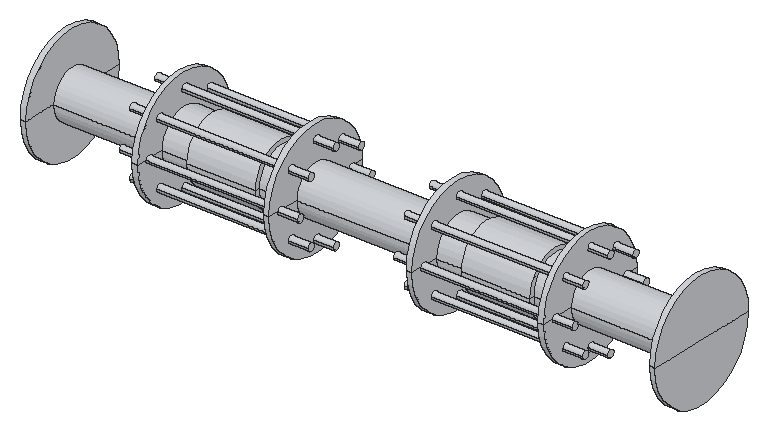
Revit family "0a0086b2399547668eb5a4024d005799", category Pipe Fittings, Revit 2021
Family settings
  Round Connector Dimension = Use Radius
  Part Type = Union
  OmniClass Number = 23.60.30.11.14.14
  OmniClass Title = Pipe Expansion Compensators
  Work Plane-Based = No
  Always vertical = Yes
  Cut with Voids When Loaded = No
  Shared = No
Parameters (values of type "Standard")
  Wall Thickness [instance] = 0.3000"
  Tick Size 2 [instance] = Flange Diameter * 0.4  # 3.3920"
  Tick Size 1 [instance] = Fitting Outside Diameter * 0.4  # 1.4000"
  Slip Pipe Withdrawal [instance] = (Project Max Operating Temperature - Project Installation Temperature) / (Project Max Operating Temperature - Project Min Operating Temperature) * Axial Movement  # 1.74366"
  Project Temperature Change [instance] = 150 °F
  Project Pipe Length [instance] = 600.0000"
  Packing Ring Thickness [instance] = size_lookup(Lookup Table Name Ring, "FThk", 0.02 * Nominal Diameter + 0.3500", Nominal Diameter)  # 0.4100"
  Packing Ring Radius [instance] = Packing Ring Diameter / 2  # 4.2400"
  Packing Ring Diameter [instance] = size_lookup(Lookup Table Name Ring, "FDia", 1.13 * Nominal Diameter + 5.0900", Nominal Diameter)  # 8.4800"
  Packing Chamber Length Label [instance] = if(Packing Chamber Length > Body Length Label - (2 * Body Ring Thickness) - 0.5000", Body Length Label - 2 * Body Ring Thickness - 0.5000", Packing Chamber Length)  # 5.0000"
  Packing Chamber Length = 5.0000"
  Nominal Radius [instance] = 1.5000"
  Nominal Diameter [instance] = Nominal Radius * 2  # 3.0000"
  Project Min Operating Temperature [instance] = -30 °F
  Project Max Operating Temperature [instance] = 120 °F
  Loss Method = Not Defined
  Lookup Table Name Ring = "Flange - Ring - Steel - Class 86"
  Lookup Table Name Flange = "Flange - Ring - Steel - Class 300"
  Lookup Table Name = "Expansion Joint Slip-Type Double End without Limit Rods - BV - Steel"
  Length 4 [instance] = Body Length Label / 2 - 1.5000"  # 3.5000"
  Length 3 [instance] = cos(45.00°) * Length 1  # 2.29103"
  Length 2 [instance] = 3.0000"
  Length 1 [instance] = Body Ring Radius - 1.0000"  # 3.2400"
  Length [instance] = if(Open, Open Length, Open Length - Slip Pipe Withdrawal)  # 46.25634"
  Project Installation Temperature [instance] = 10 °F
  Flange Thickness [instance] = size_lookup(Lookup Table Name Flange, "FThk", 0.02 * Nominal Diameter + 0.3500", Nominal Diameter)  # 0.4100"
  Flange Radius [instance] = Flange Diameter / 2  # 4.2400"
  Flange Diameter [instance] = size_lookup(Lookup Table Name Flange, "FDia", 1.13 * Nominal Diameter + 5.0900", Nominal Diameter)  # 8.4800"
  Fitting Outside Radius [instance] = Fitting Outside Diameter / 2  # 1.7500"
  Fitting Outside Diameter [instance] = size_lookup(Lookup Table Name, "FOD", Nominal Diameter, Nominal Diameter)  # 3.5000"
  Open [instance] = no
  Open Length [instance] = 48.0000"
  Default Elevation = 0.0000"
  Closed [instance] = not(Open)  # yes
  Body Length Label [instance] = if(Length < (3 * Length 5 + 2 * Flange Thickness + 6.5000"), (Length - 2 * Flange Thickness - 6.5000") / 3, Length 5)  # 10.0000"
  Body Ring Thickness [instance] = size_lookup(Lookup Table Name Ring, "FThk", 0.02 * Nominal Diameter + 0.3500", Nominal Diameter)  # 0.4100"
  Body Ring Radius [instance] = Body Ring Diameter / 2  # 4.2400"
  Body Ring Diameter [instance] = size_lookup(Lookup Table Name Ring, "FDia", 1.13 * Nominal Diameter + 5.0900", Nominal Diameter)  # 8.4800"
  Length 5 [instance] = 10.0000"
  Axial Movement [instance] = 0.0000117 1/K * Project Pipe Length * (Project Temperature Change - -459.67 °F)  # 2.37771"
Reference planes (in)
  plane 1 "Center (Front/Back)": y = 0
  plane 2: z = 0
  plane 3 "Center 1": x = 5.79484
  plane 4: x = -7.33333
  plane 5: x = 38.92301
  plane 6: x = -3.92333
  plane 7: x = 0.79484
  plane 8: x = 10.79484
  plane 9: y = 3.24
  plane 10: y = -3.24
  plane 11: y = 1.75
  plane 12: y = 2.05
  plane 13: y = 2.35
  plane 14: x = 10.38484
  plane 15: x = 1.20484
  plane 16: x = 3.29484
  plane 17: x = 8.29484
  plane 18 "body flange": y = 4.24
  plane 19: z = 3.24
  plane 20: z = -3.24
  plane 21: x = -0.70516
  plane 22: x = 12.29484
  plane 23: z = 2.29103
  plane 24: z = -2.29103
  plane 25: y = -2.29103
  plane 26: y = 2.29103
  plane 27: x = 35.51301
  plane 28: x = 8.88484
  plane 29 "packing ring": y = 4.24
  plane 30 "limit ring": y = 4.24
  plane 31: x = -6.92333
  plane 32 "flange": y = 4.24
  plane 33: x = 38.51301
  plane 34 "Center (Left/Right)": x = 15.79484
  plane 35: x = 19.29484
  plane 36: x = 20.79484
  plane 37: x = 21.20484
  plane 38: x = 22.70484
  plane 39: x = 23.29484
  plane 40: x = 25.79484
  plane 41: x = 28.29484
  plane 42: x = 30.38484
  plane 43: x = 30.79484
  plane 44: x = 32.29484
Forms (in)
  Revolve 1, solid, detail levels fine
    sketch origin (0, 0, 0) x (1, 0, 0) y (0, 1, 0)
      loop
        line (-7.33333, 0) -> (38.92301, 0) -> (38.92301, 4.24) -> (38.51301, 4.24) -> (38.51301, 1.75) -> (30.79484, 1.75) -> (30.79484, 4.24) -> (30.38484, 4.24) -> (30.38484, 2.05) -> (28.29484, 2.05) -> (28.29484, 2.35) -> (23.29484, 2.35) -> (23.29484, 2.05) -> (21.20484, 2.05) -> (21.20484, 4.24) -> (20.79484, 4.24) -> (20.79484, 1.75) -> (10.79484, 1.75) -> (10.79484, 4.24) -> (10.38484, 4.24) -> (10.38484, 2.05) -> (8.29484, 2.05) -> (8.29484, 2.35) -> (3.29484, 2.35) -> (3.29484, 2.05) -> (1.20484, 2.05) -> (1.20484, 4.24) -> (0.79484, 4.24) -> (0.79484, 1.75) -> (-6.92333, 1.75) -> (-6.92333, 4.24) -> (-7.33333, 4.24) -> (-7.33333, 0)
      axis (-7.33333, 0) -> (38.92301, 0)
    angle from 0 to 360
  Extrusion 2, solid, detail levels fine
    sketch origin (5.79484, 0, 0) x (0, 1, 0) y (0, 0, 1)
      loop
        circle (-2.29103, 2.29103) r 0.25
      loop
        circle (-2.29103, -2.29103) r 0.25
      loop
        circle (2.29103, 2.29103) r 0.25
      loop
        circle (2.29103, -2.29103) r 0.25
      loop
        circle (0, -3.24) r 0.25
      loop
        circle (3.24, 0) r 0.25
      loop
        circle (-3.24, 0) r 0.25
      loop
        circle (0, 3.24) r 0.25
    from -6.5 to 6.5
  Extrusion 3, solid, detail levels fine
    sketch origin (15.79484, 0, 0) x (0, 1, 0) y (0, 0, 1)
      loop
        circle (-2.29103, 2.29103) r 0.25
      loop
        circle (-2.29103, -2.29103) r 0.25
      loop
        circle (2.29103, 2.29103) r 0.25
      loop
        circle (2.29103, -2.29103) r 0.25
      loop
        circle (0, -3.24) r 0.25
      loop
        circle (3.24, 0) r 0.25
      loop
        circle (-3.24, 0) r 0.25
      loop
        circle (0, 3.24) r 0.25
    from 3.5 to 16.5
Cuts and joins
  joined: Revolve 1, Extrusion 2, Extrusion 3
Lines and regions (in)
  model lines, detail levels coarse+medium
    curve 1: line (-7.33333, 3.392, 0) -> (-7.33333, -3.392, 0)
    curve 2: line (38.92301, 3.392, 0) -> (38.92301, -3.392, 0)
    curve 4: line (35.51301, 0, 0) -> (38.92301, 0, 0)
    curve 5: line (-7.33333, 1.4, 0) -> (38.92301, 1.4, 0)
    curve 6: line (38.92301, -1.4, 0) -> (-7.33333, -1.4, 0)
  model lines, style "PipeFitting", detail levels coarse+medium
    curve 3: line (-7.33333, 0, 0) -> (-3.92333, 0, 0)
Dimensions and locks (in)
  "Length": plane 4 to plane 5
  "Length 2": plane 31 to plane 6
  equal spacing: plane 7, plane 3 "Center 1", plane 8
  "Body Length Label": plane 7 to plane 8
  "Length 1": plane 10 to plane 1 "Center (Front/Back)"
  "Length 1": plane 9 to plane 1 "Center (Front/Back)"
  "Fitting Outside Radius": plane 11 to plane 1 "Center (Front/Back)"
  "Wall Thickness": plane 12 to plane 11
  "Wall Thickness": plane 13 to plane 12
  "Body Ring Thickness": plane 7 to plane 15
  "Packing Ring Thickness": plane 14 to plane 8
  equal spacing: plane 16, plane 3 "Center 1", plane 17
  "Packing Chamber Length Label": plane 16 to plane 17
  "Length 1": plane 2 to plane 20
  "Length 1": plane 19 to plane 2
  "Body Ring Radius": plane 18 "body flange" to plane 1 "Center (Front/Back)"
  locked: plane 21 to plane 7 at 1.5
  locked: plane 8 to plane 22 at 1.5
  "Tick Size 2": plane 1 "Center (Front/Back)" to curve 1
  "Tick Size 2": curve 1 to plane 1 "Center (Front/Back)"
  "Tick Size 2": plane 1 "Center (Front/Back)" to curve 2
  "Tick Size 2": curve 2 to plane 1 "Center (Front/Back)"
  "Length 3": plane 23 to plane 2
  "Length 3": plane 24 to plane 2
  "Length 3": plane 1 "Center (Front/Back)" to plane 26
  "Length 3": plane 25 to plane 1 "Center (Front/Back)"
  "Length 2": plane 27 to plane 33
  locked: plane 28 to plane 14 at 1.5
  "Packing Ring Radius": plane 29 "packing ring" to plane 1 "Center (Front/Back)"
  plane 30 "limit ring" to plane 1 "Center (Front/Back)" = 4.2400"
  "Flange Thickness": plane 4 to plane 31
  "Flange Radius": plane 32 "flange" to plane 1 "Center (Front/Back)"
  "Flange Thickness": plane 33 to plane 5
  "Tick Size 1": plane 1 "Center (Front/Back)" to curve 5
  "Tick Size 1": plane 1 "Center (Front/Back)" to curve 6
  equal spacing: plane 4, plane 34 "Center (Left/Right)", plane 5
  locked: plane 35 to plane 36 at 1.5
  "Packing Ring Thickness": plane 36 to plane 37
  locked: plane 37 to plane 38 at 1.5
  "Body Ring Thickness": plane 42 to plane 43
  locked: plane 43 to plane 44 at 1.5
  "Body Length Label": plane 36 to plane 43
  equal spacing: plane 36, plane 40, plane 43
  equal spacing: plane 39, plane 40, plane 41
  "Packing Chamber Length Label": plane 39 to plane 41
  "Length 4": plane 22 to plane 34 "Center (Left/Right)"
  "Length 4": plane 34 "Center (Left/Right)" to plane 35
  radius of Extrusion 2 sketch curve = 0.2500"
  radius of Extrusion 3 sketch curve = 0.2500"
  aligned and locked: plane 2 to level
  aligned and locked: plane 1 "Center (Front/Back)" to Revolve 1 sketch curve
  aligned and locked: plane 4 to Revolve 1 sketch curve
  aligned and locked: plane 7 to Revolve 1 sketch curve
  aligned and locked: Revolve 1 sketch curve to plane 18 "body flange"
  aligned and locked: Revolve 1 sketch curve to plane 15
  aligned and locked: Revolve 1 sketch curve to plane 12  (x2)
  aligned and locked: plane 16 to Revolve 1 sketch curve
  aligned and locked: Revolve 1 sketch curve to plane 13
  aligned and locked: plane 17 to Revolve 1 sketch curve
  aligned and locked: Revolve 1 sketch curve to plane 14
  aligned and locked: plane 8 to Revolve 1 sketch curve
  aligned and locked: plane 5 to Revolve 1 sketch curve
  aligned and locked: Revolve 1 sketch curve to Revolve 1 sketch curve
  aligned and locked: plane 5 to curve 2
  aligned and locked: curve 1 to plane 4
  aligned and locked: plane 1 "Center (Front/Back)" to curve 3
  aligned and locked: plane 25 to Extrusion 2 sketch curve  (x2)
  aligned and locked: plane 23 to Extrusion 2 sketch curve  (x2)
  aligned and locked: plane 24 to Extrusion 2 sketch curve  (x2)
  aligned and locked: plane 26 to Extrusion 2 sketch curve  (x2)
  aligned and locked: Revolve 1 sketch curve to plane 11  (x2)
  aligned and locked: Revolve 1 sketch curve to plane 29 "packing ring"
  aligned and locked: plane 6 to curve 3
  aligned and locked: plane 27 to curve 4
  aligned and locked: Revolve 1 sketch curve to plane 32 "flange"  (x2)
  aligned and locked: Revolve 1 sketch curve to plane 31
  aligned and locked: plane 33 to Revolve 1 sketch curve
  aligned and locked: plane 4 to curve 5
  aligned and locked: plane 5 to curve 5
  aligned and locked: Extrusion 2 to plane 22
  aligned and locked: plane 44 to Extrusion 3
  aligned and locked: Extrusion 3 to plane 35
  aligned and locked: Extrusion 2 to plane 21
Automatic sketch dimensions
  plane 1 "Center (Front/Back)" to curve 4 = 0.0000"
  Extrusion 2 sketch curve to level = 0.0000"  (x2)
  Extrusion 2 sketch curve to plane 10 = 0.0000"
  Extrusion 2 sketch curve to plane 1 "Center (Front/Back)" = 0.0000"  (x2)
  Extrusion 2 sketch curve to plane 9 = 0.0000"
  Extrusion 2 sketch curve to plane 20 = 0.0000"
  Extrusion 2 sketch curve to plane 19 = 0.0000"
  Extrusion 3 sketch curve to level = 0.0000"  (x2)
  Extrusion 3 sketch curve to plane 10 = 0.0000"
  plane 24 to Extrusion 3 sketch curve = 0.0000"  (x2)
  Extrusion 3 sketch curve to plane 25 = 0.0000"  (x2)
  Extrusion 3 sketch curve to plane 23 = 0.0000"  (x2)
  Extrusion 3 sketch curve to plane 1 "Center (Front/Back)" = 0.0000"  (x2)
  Extrusion 3 sketch curve to plane 26 = 0.0000"  (x2)
  Extrusion 3 sketch curve to plane 9 = 0.0000"
  Extrusion 3 sketch curve to plane 20 = 0.0000"
  Extrusion 3 sketch curve to plane 19 = 0.0000"
  Revolve 1 sketch curve to plane 18 "body flange" = 0.0000"  (x2)
  Revolve 1 sketch curve to plane 36 = 0.0000"
  Revolve 1 sketch curve to plane 37 = 0.0000"
  Revolve 1 sketch curve to plane 13 = 0.0000"
  Revolve 1 sketch curve to plane 39 = 0.0000"
  Revolve 1 sketch curve to plane 12 = 0.0000"  (x2)
  Revolve 1 sketch curve to plane 41 = 0.0000"
  Revolve 1 sketch curve to plane 42 = 0.0000"
  Revolve 1 sketch curve to plane 43 = 0.0000"
  Revolve 1 sketch curve to plane 4 = 7.7500"
  Revolve 1 sketch curve to plane 5 = 24.0000"
  Revolve 1 sketch curve to plane 11 = 0.0000"
  radius of Extrusion 2 sketch curve = 0.2500"  (x7)
  radius of Extrusion 3 sketch curve = 0.2500"  (x7)
Connectors (in)
  piping at (-7.33333, 0, 0), diameter 3, driven by "Nominal Radius"
    settings: on Revolve 1, index 1, connector inside diameter 3.0000", connector length 0.0000", flow factor 0, pipe flow 0 GPM, pressure drop 0.00 psi, fitting loss kfactor 0, connector angle 0.00°, fixture units 0, engagement length 0.0000", angle of deflection 0.00°, flow configuration 0, flow direction 0, fitting loss method 0, system type 28, joint type 0, gender type 0, connector reference index 2, connector utility 0, adjustable connector no, is connector primary yes, connector description ""
  piping at (38.92301, 0, 0), diameter 3, driven by "Nominal Radius"
    settings: on Revolve 1, index 2, connector inside diameter 3.0000", connector length 0.0000", flow factor 0, pipe flow 0 GPM, pressure drop 0.00 psi, fitting loss kfactor 0, connector angle 0.00°, fixture units 0, engagement length 0.0000", angle of deflection 0.00°, flow configuration 0, flow direction 0, fitting loss method 0, system type 28, joint type 0, gender type 0, connector reference index 1, connector utility 0, adjustable connector no, is connector primary no, connector description ""
